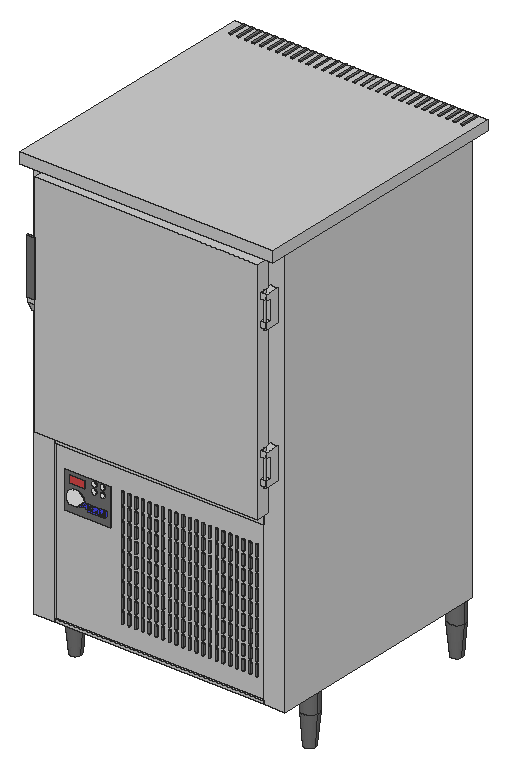
Revit family "QF_ACFRI_RS30-RL.190709092811", category Specialty Equipment, Revit 2016
Family settings
  Part Type = Normal
  Round Connector Dimension = Use Diameter
  OmniClass Number = 23.40.40.14
  OmniClass Title = Food Service Equipment
  Work Plane-Based = No
  Always vertical = Yes
  Cut with Voids When Loaded = No
  Shared = No
  Room Calculation Point = No
Parameters (values of type "RS30-RL_230V/1Ph/50Hz")
  URL catalogue = ""
  URL = "www.acfri.com"
  Type de Raccord Electrique [instance] = ""
  Type article [instance] = ""
  Tension = 230 V
  Status [instance] = ""
  Spécification technique = ""
  Spécification du Fabricant [instance] = ""
  Spécification de l'Utilisateur [instance] = ""
  SMACNA No spécifique pour les matériaux  Etats Unis = ""
  Quantité par lot [instance] = no
  Puissance électrique  = 1451 W
  Puissance en CV = ""
  Puissance Apparente = 1451 VA
  Protection de l'Appareil = 0 A
  Profondeur hors tout = 800 mm
  Poids net à vide = 140.00 kg
  Phase = 1
  Numéro de Série = ""
  Nombres de Pôles = 2
  Nombre d'identification NAFEM = ""
  Model = "RS30-RL"
  Manufacturer = "ACFRI"
  Longueur hors tout = 755 mm
  Intensité nominale courant electrique = 10 A
  Installé Par [instance] = ""
  Identifiant Equipement [instance] = no
  Hauteur hors tout = 1405 mm
  Hauteur de Raccordement du Sol Finis [instance] = 50 mm
  Hauteur de Raccordement du Sol Brut [instance] = 0 mm
  Fréquence = 50 Hz
  Fournis Par [instance] = ""
  Description = "CELLULE SÉRIE SMALL À GRILLE REFROIDISSEMENT/ SURGÉLATION RAPIDE"
  Câble de connexion à l'appareil inclus = no
  Cost = 0
  Consommation d'énergie minimale = 0 A
  Connexion prise électrique  = ""
  Code de Révision [instance] = ""
  Classification dans le projet = ""
  Classement sismique = ""
  Accessoires = no
Reference planes
  plane 1 "Centre (avant/arrière)": y = 0
  plane 2: z = 0
  plane 3 "Centre (gauche/droite)": x = 0
Forms (mm)
  Extrusion 1, solid, not visible
    sketch origin (49, -2, 199) x (1, 0, 0) y (0, 1, 0)
      loop
        line (0, 0) -> (2, 0) -> (2, 2) -> (0, 2) -> (0, 0)
    from 0 to 2
Dimensions and locks
  aligned and locked: level to plane 2
Nested families
  nested 1: "QF_ACFRI_RS30-RL_230V_1Ph_50Hz" at (0, 0, 150), type "RS30-RL_230V/1Ph/50Hz"
    with Show Logo yes, Show Clearance yes
  nested 2: "QF_ACFRI_RS25_30_40_DOOR_RX" at (0, 0, 150), type "RS25_30_40_DOOR_RX"
    with Show Logo yes, Show Clearance yes
  nested 3: "QF_ACFRI_RS12_15_20_LEGS" at (0, 0, 0), type "RS12_15_20_LEGS"
    with Show Logo yes, Show Clearance yes
  nested 4: "QF_ACFRI_RS25_30_40-CP" at (0, 0, 150), type "RS25_30_40-CP"
    with Show Logo yes, Show Clearance yes
Connectors
  electrical at (50, 0, 200), driven by "Puissance Apparente", driven by "Nombres de Pôles", driven by "Tension"
    settings: on Extrusion 1, index 1, voltage 230 V, apparent load 0 VA, apparent load phase1 1451 VA, apparent load phase2 0 VA, apparent load phase3 0 VA, power factor 1, load classification "Other", number of poles 2, system type 31, power factor state 1, is connector primary yes, connector utility no, sub classification motor no, connector description "Electric connection for 'RS30-RL'"
Definition of nested family "QF_ACFRI_RS30-RL_230V_1Ph_50Hz"
  Parameters (values of type "RS30-RL_230V/1Ph/50Hz")
    URL = "www.acfri.com"
    Show Logo [instance] = yes
    Show Clearance [instance] = yes
    Model = "RS30-RL"
    Manufacturer = "ACFRI"
    Description = "6 TO 11 LEVELS - REACH SPECIFICATION BLAST CHILLING, DEEP FREEZING CELLS"
    Assembly Code = "E1090320"
  Types (3, lengths in mm): name | Model | Description
    RS25-RL | "RS25-RL" | "6 TO 11 LEVELS - REACH SPECIFICATION BLAST CHILLING, DEEP FREEZING CELLS"
    RS30-RL_230V/1Ph/50Hz | "RS30-RL" | "6 TO 11 LEVELS - REACH SPECIFICATION BLAST CHILLING, DEEP FREEZING CELLS"
    RS40-RL | "RS40-RL" | "8 TO 15 LEVELS - REACH SPECIFICATION BLAST CHILLING, DEEP FREEZING CELLS"
  Reference planes
    plane 1 "Back": y = 0
    plane 2: z = 0
    plane 3 "Left": x = 0
    plane 4 "Right": x = 755
    plane 5 "Front": y = -800
    plane 6 "Top": z = 1254.917
  Forms (mm)
    Extrusion 1, solid
      sketch origin (0, 0, -150) x (0, 1, 0) y (0, 0, 1)
        loop
          line (-56.57, 1373.957) -> (-752.05, 1373.957) -> (-752.05, 150) -> (-56.57, 150) -> (-56.57, 1373.957)
      from 3.267 to 65.187
    Extrusion 2, solid
      sketch origin (0, 0, 289.917) x (0, 1, 0) y (0, 0, 1)
        loop
          line (0, 965) -> (-800, 965) -> (-800, 934.04) -> (0, 934.04) -> (0, 965)
      from 0 to 755
    Extrusion 3, solid
      sketch origin (0, 0, 1253.917) x (1, 0, 0) y (0, 1, 0)
        loop
          line (28.646, -1.681) -> (28.646, -56.57) -> (35.372, -56.57) -> (35.372, -1.681) -> (28.646, -1.681)
        loop
          line (51.706, -1.681) -> (51.706, -56.57) -> (58.431, -56.57) -> (58.431, -1.681) -> (51.706, -1.681)
        loop
          line (74.765, -1.681) -> (74.765, -56.57) -> (81.491, -56.57) -> (81.491, -1.681) -> (74.765, -1.681)
        loop
          line (97.825, -1.681) -> (97.825, -56.57) -> (104.551, -56.57) -> (104.551, -1.681) -> (97.825, -1.681)
        loop
          line (120.885, -1.681) -> (120.885, -56.57) -> (127.611, -56.57) -> (127.611, -1.681) -> (120.885, -1.681)
        loop
          line (143.945, -1.681) -> (143.945, -56.57) -> (150.671, -56.57) -> (150.671, -1.681) -> (143.945, -1.681)
        loop
          line (167.005, -1.681) -> (167.005, -56.57) -> (173.731, -56.57) -> (173.731, -1.681) -> (167.005, -1.681)
        loop
          line (190.065, -1.681) -> (190.065, -56.57) -> (196.79, -56.57) -> (196.79, -1.681) -> (190.065, -1.681)
        loop
          line (213.124, -1.681) -> (213.124, -56.57) -> (219.85, -56.57) -> (219.85, -1.681) -> (213.124, -1.681)
        loop
          line (236.184, -1.681) -> (236.184, -56.57) -> (242.91, -56.57) -> (242.91, -1.681) -> (236.184, -1.681)
        loop
          line (259.244, -1.681) -> (259.244, -56.57) -> (265.97, -56.57) -> (265.97, -1.681) -> (259.244, -1.681)
        loop
          line (282.304, -1.681) -> (282.304, -56.57) -> (289.03, -56.57) -> (289.03, -1.681) -> (282.304, -1.681)
        loop
          line (305.364, -1.681) -> (305.364, -56.57) -> (312.09, -56.57) -> (312.09, -1.681) -> (305.364, -1.681)
        loop
          line (328.424, -1.681) -> (328.424, -56.57) -> (335.149, -56.57) -> (335.149, -1.681) -> (328.424, -1.681)
        loop
          line (351.483, -1.681) -> (351.483, -56.57) -> (358.209, -56.57) -> (358.209, -1.681) -> (351.483, -1.681)
        loop
          line (374.543, -1.681) -> (374.543, -56.57) -> (381.269, -56.57) -> (381.269, -1.681) -> (374.543, -1.681)
        loop
          line (397.603, -1.681) -> (397.603, -56.57) -> (404.329, -56.57) -> (404.329, -1.681) -> (397.603, -1.681)
        loop
          line (420.663, -1.681) -> (420.663, -56.57) -> (427.389, -56.57) -> (427.389, -1.681) -> (420.663, -1.681)
        loop
          line (443.723, -1.681) -> (443.723, -56.57) -> (450.448, -56.57) -> (450.448, -1.681) -> (443.723, -1.681)
        loop
          line (466.783, -1.681) -> (466.783, -56.57) -> (473.508, -56.57) -> (473.508, -1.681) -> (466.783, -1.681)
        loop
          line (489.842, -1.681) -> (489.842, -56.57) -> (496.568, -56.57) -> (496.568, -1.681) -> (489.842, -1.681)
        loop
          line (512.902, -1.681) -> (512.902, -56.57) -> (519.628, -56.57) -> (519.628, -1.681) -> (512.902, -1.681)
        loop
          line (535.962, -1.681) -> (535.962, -56.57) -> (542.688, -56.57) -> (542.688, -1.681) -> (535.962, -1.681)
        loop
          line (559.022, -1.681) -> (559.022, -56.57) -> (565.748, -56.57) -> (565.748, -1.681) -> (559.022, -1.681)
        loop
          line (582.082, -1.681) -> (582.082, -56.57) -> (588.807, -56.57) -> (588.807, -1.681) -> (582.082, -1.681)
        loop
          line (605.141, -1.681) -> (605.141, -56.57) -> (611.867, -56.57) -> (611.867, -1.681) -> (605.141, -1.681)
        loop
          line (628.201, -1.681) -> (628.201, -56.57) -> (634.927, -56.57) -> (634.927, -1.681) -> (628.201, -1.681)
        loop
          line (651.261, -1.681) -> (651.261, -56.57) -> (657.987, -56.57) -> (657.987, -1.681) -> (651.261, -1.681)
        loop
          line (674.321, -1.681) -> (674.321, -56.57) -> (681.047, -56.57) -> (681.047, -1.681) -> (674.321, -1.681)
        loop
          line (697.381, -1.681) -> (697.381, -56.57) -> (704.107, -56.57) -> (704.107, -1.681) -> (697.381, -1.681)
        loop
          line (720.441, -1.681) -> (720.441, -56.57) -> (727.166, -56.57) -> (727.166, -1.681) -> (720.441, -1.681)
      from 0 to 2
    Extrusion 4, solid
      sketch origin (0, -100.05, -150) x (1, 0, 0) y (0, 0, 1)
        loop
          line (44.706, 1347.823) -> (44.706, 672.113) -> (701.163, 672.113) -> (701.163, 1347.823) -> (44.706, 1347.823)
        loop
          line (65.187, 1327.517) -> (65.187, 692.419) -> (680.711, 692.419) -> (680.711, 1327.517) -> (65.187, 1327.517)
      from 652 to 662.15
    Extrusion 5, solid
      sketch origin (0, -746.05, -119.991) x (1, 0, 0) y (0, 0, 1)
        loop
          line (261.229, 454.546) -> (261.229, 427.546)
          arc (261.229, 427.546) -> (264.729, 424.046) -> (268.229, 427.546) r 3.5
          line (268.229, 427.546) -> (268.229, 454.546)
          arc (268.229, 454.546) -> (264.729, 458.046) -> (261.229, 454.546) r 3.5
        loop
          line (281.229, 454.546) -> (281.229, 427.546)
          arc (281.229, 427.546) -> (284.729, 424.046) -> (288.229, 427.546) r 3.5
          line (288.229, 427.546) -> (288.229, 454.546)
          arc (288.229, 454.546) -> (284.729, 458.046) -> (281.229, 454.546) r 3.5
        loop
          line (301.229, 454.546) -> (301.229, 427.546)
          arc (301.229, 427.546) -> (304.729, 424.046) -> (308.229, 427.546) r 3.5
          line (308.229, 427.546) -> (308.229, 454.546)
          arc (308.229, 454.546) -> (304.729, 458.046) -> (301.229, 454.546) r 3.5
        loop
          line (321.229, 454.546) -> (321.229, 427.546)
          arc (321.229, 427.546) -> (324.729, 424.046) -> (328.229, 427.546) r 3.5
          line (328.229, 427.546) -> (328.229, 454.546)
          arc (328.229, 454.546) -> (324.729, 458.046) -> (321.229, 454.546) r 3.5
        loop
          line (341.229, 454.546) -> (341.229, 427.546)
          arc (341.229, 427.546) -> (344.729, 424.046) -> (348.229, 427.546) r 3.5
          line (348.229, 427.546) -> (348.229, 454.546)
          arc (348.229, 454.546) -> (344.729, 458.046) -> (341.229, 454.546) r 3.5
        loop
          line (361.229, 454.546) -> (361.229, 427.546)
          arc (361.229, 427.546) -> (364.729, 424.046) -> (368.229, 427.546) r 3.5
          line (368.229, 427.546) -> (368.229, 454.546)
          arc (368.229, 454.546) -> (364.729, 458.046) -> (361.229, 454.546) r 3.5
        loop
          line (381.229, 454.546) -> (381.229, 427.546)
          arc (381.229, 427.546) -> (384.729, 424.046) -> (388.229, 427.546) r 3.5
          line (388.229, 427.546) -> (388.229, 454.546)
          arc (388.229, 454.546) -> (384.729, 458.046) -> (381.229, 454.546) r 3.5
        loop
          line (401.229, 454.546) -> (401.229, 427.546)
          arc (401.229, 427.546) -> (404.729, 424.046) -> (408.229, 427.546) r 3.5
          line (408.229, 427.546) -> (408.229, 454.546)
          arc (408.229, 454.546) -> (404.729, 458.046) -> (401.229, 454.546) r 3.5
        loop
          line (421.229, 454.546) -> (421.229, 427.546)
          arc (421.229, 427.546) -> (424.729, 424.046) -> (428.229, 427.546) r 3.5
          line (428.229, 427.546) -> (428.229, 454.546)
          arc (428.229, 454.546) -> (424.729, 458.046) -> (421.229, 454.546) r 3.5
        loop
          line (441.229, 454.546) -> (441.229, 427.546)
          arc (441.229, 427.546) -> (444.729, 424.046) -> (448.229, 427.546) r 3.5
          line (448.229, 427.546) -> (448.229, 454.546)
          arc (448.229, 454.546) -> (444.729, 458.046) -> (441.229, 454.546) r 3.5
        loop
          line (461.229, 454.546) -> (461.229, 427.546)
          arc (461.229, 427.546) -> (464.729, 424.046) -> (468.229, 427.546) r 3.5
          line (468.229, 427.546) -> (468.229, 454.546)
          arc (468.229, 454.546) -> (464.729, 458.046) -> (461.229, 454.546) r 3.5
        loop
          line (481.229, 454.546) -> (481.229, 427.546)
          arc (481.229, 427.546) -> (484.729, 424.046) -> (488.229, 427.546) r 3.5
          line (488.229, 427.546) -> (488.229, 454.546)
          arc (488.229, 454.546) -> (484.729, 458.046) -> (481.229, 454.546) r 3.5
        loop
          line (501.229, 454.546) -> (501.229, 427.546)
          arc (501.229, 427.546) -> (504.729, 424.046) -> (508.229, 427.546) r 3.5
          line (508.229, 427.546) -> (508.229, 454.546)
          arc (508.229, 454.546) -> (504.729, 458.046) -> (501.229, 454.546) r 3.5
        loop
          line (521.229, 454.546) -> (521.229, 427.546)
          arc (521.229, 427.546) -> (524.729, 424.046) -> (528.229, 427.546) r 3.5
          line (528.229, 427.546) -> (528.229, 454.546)
          arc (528.229, 454.546) -> (524.729, 458.046) -> (521.229, 454.546) r 3.5
        loop
          line (541.229, 454.546) -> (541.229, 427.546)
          arc (541.229, 427.546) -> (544.729, 424.046) -> (548.229, 427.546) r 3.5
          line (548.229, 427.546) -> (548.229, 454.546)
          arc (548.229, 454.546) -> (544.729, 458.046) -> (541.229, 454.546) r 3.5
        loop
          line (561.229, 454.546) -> (561.229, 427.546)
          arc (561.229, 427.546) -> (564.729, 424.046) -> (568.229, 427.546) r 3.5
          line (568.229, 427.546) -> (568.229, 454.546)
          arc (568.229, 454.546) -> (564.729, 458.046) -> (561.229, 454.546) r 3.5
        loop
          line (581.229, 454.546) -> (581.229, 427.546)
          arc (581.229, 427.546) -> (584.729, 424.046) -> (588.229, 427.546) r 3.5
          line (588.229, 427.546) -> (588.229, 454.546)
          arc (588.229, 454.546) -> (584.729, 458.046) -> (581.229, 454.546) r 3.5
        loop
          line (601.229, 454.546) -> (601.229, 427.546)
          arc (601.229, 427.546) -> (604.729, 424.046) -> (608.229, 427.546) r 3.5
          line (608.229, 427.546) -> (608.229, 454.546)
          arc (608.229, 454.546) -> (604.729, 458.046) -> (601.229, 454.546) r 3.5
        loop
          line (621.229, 454.546) -> (621.229, 427.546)
          arc (621.229, 427.546) -> (624.729, 424.046) -> (628.229, 427.546) r 3.5
          line (628.229, 427.546) -> (628.229, 454.546)
          arc (628.229, 454.546) -> (624.729, 458.046) -> (621.229, 454.546) r 3.5
        loop
          line (641.229, 454.546) -> (641.229, 427.546)
          arc (641.229, 427.546) -> (644.729, 424.046) -> (648.229, 427.546) r 3.5
          line (648.229, 427.546) -> (648.229, 454.546)
          arc (648.229, 454.546) -> (644.729, 458.046) -> (641.229, 454.546) r 3.5
        loop
          line (661.229, 454.546) -> (661.229, 427.546)
          arc (661.229, 427.546) -> (664.729, 424.046) -> (668.229, 427.546) r 3.5
          line (668.229, 427.546) -> (668.229, 454.546)
          arc (668.229, 454.546) -> (664.729, 458.046) -> (661.229, 454.546) r 3.5
        loop
          line (261.229, 414.546) -> (261.229, 387.546)
          arc (261.229, 387.546) -> (264.729, 384.046) -> (268.229, 387.546) r 3.5
          line (268.229, 387.546) -> (268.229, 414.546)
          arc (268.229, 414.546) -> (264.729, 418.046) -> (261.229, 414.546) r 3.5
        loop
          line (281.229, 414.546) -> (281.229, 387.546)
          arc (281.229, 387.546) -> (284.729, 384.046) -> (288.229, 387.546) r 3.5
          line (288.229, 387.546) -> (288.229, 414.546)
          arc (288.229, 414.546) -> (284.729, 418.046) -> (281.229, 414.546) r 3.5
        loop
          line (301.229, 414.546) -> (301.229, 387.546)
          arc (301.229, 387.546) -> (304.729, 384.046) -> (308.229, 387.546) r 3.5
          line (308.229, 387.546) -> (308.229, 414.546)
          arc (308.229, 414.546) -> (304.729, 418.046) -> (301.229, 414.546) r 3.5
        loop
          line (321.229, 414.546) -> (321.229, 387.546)
          arc (321.229, 387.546) -> (324.729, 384.046) -> (328.229, 387.546) r 3.5
          line (328.229, 387.546) -> (328.229, 414.546)
          arc (328.229, 414.546) -> (324.729, 418.046) -> (321.229, 414.546) r 3.5
        loop
          line (341.229, 414.546) -> (341.229, 387.546)
          arc (341.229, 387.546) -> (344.729, 384.046) -> (348.229, 387.546) r 3.5
          line (348.229, 387.546) -> (348.229, 414.546)
          arc (348.229, 414.546) -> (344.729, 418.046) -> (341.229, 414.546) r 3.5
        loop
          line (361.229, 414.546) -> (361.229, 387.546)
          arc (361.229, 387.546) -> (364.729, 384.046) -> (368.229, 387.546) r 3.5
          line (368.229, 387.546) -> (368.229, 414.546)
          arc (368.229, 414.546) -> (364.729, 418.046) -> (361.229, 414.546) r 3.5
        loop
          line (381.229, 414.546) -> (381.229, 387.546)
          arc (381.229, 387.546) -> (384.729, 384.046) -> (388.229, 387.546) r 3.5
          line (388.229, 387.546) -> (388.229, 414.546)
          arc (388.229, 414.546) -> (384.729, 418.046) -> (381.229, 414.546) r 3.5
        loop
          line (401.229, 414.546) -> (401.229, 387.546)
          arc (401.229, 387.546) -> (404.729, 384.046) -> (408.229, 387.546) r 3.5
          line (408.229, 387.546) -> (408.229, 414.546)
          arc (408.229, 414.546) -> (404.729, 418.046) -> (401.229, 414.546) r 3.5
        loop
          line (421.229, 414.546) -> (421.229, 387.546)
          arc (421.229, 387.546) -> (424.729, 384.046) -> (428.229, 387.546) r 3.5
          line (428.229, 387.546) -> (428.229, 414.546)
          arc (428.229, 414.546) -> (424.729, 418.046) -> (421.229, 414.546) r 3.5
        loop
          line (441.229, 414.546) -> (441.229, 387.546)
          arc (441.229, 387.546) -> (444.729, 384.046) -> (448.229, 387.546) r 3.5
          line (448.229, 387.546) -> (448.229, 414.546)
          arc (448.229, 414.546) -> (444.729, 418.046) -> (441.229, 414.546) r 3.5
        loop
          line (461.229, 414.546) -> (461.229, 387.546)
          arc (461.229, 387.546) -> (464.729, 384.046) -> (468.229, 387.546) r 3.5
          line (468.229, 387.546) -> (468.229, 414.546)
          arc (468.229, 414.546) -> (464.729, 418.046) -> (461.229, 414.546) r 3.5
        loop
          line (481.229, 414.546) -> (481.229, 387.546)
          arc (481.229, 387.546) -> (484.729, 384.046) -> (488.229, 387.546) r 3.5
          line (488.229, 387.546) -> (488.229, 414.546)
          arc (488.229, 414.546) -> (484.729, 418.046) -> (481.229, 414.546) r 3.5
        loop
          line (501.229, 414.546) -> (501.229, 387.546)
          arc (501.229, 387.546) -> (504.729, 384.046) -> (508.229, 387.546) r 3.5
          line (508.229, 387.546) -> (508.229, 414.546)
          arc (508.229, 414.546) -> (504.729, 418.046) -> (501.229, 414.546) r 3.5
        loop
          line (521.229, 414.546) -> (521.229, 387.546)
          arc (521.229, 387.546) -> (524.729, 384.046) -> (528.229, 387.546) r 3.5
          line (528.229, 387.546) -> (528.229, 414.546)
          arc (528.229, 414.546) -> (524.729, 418.046) -> (521.229, 414.546) r 3.5
        loop
          line (541.229, 414.546) -> (541.229, 387.546)
          arc (541.229, 387.546) -> (544.729, 384.046) -> (548.229, 387.546) r 3.5
          line (548.229, 387.546) -> (548.229, 414.546)
          arc (548.229, 414.546) -> (544.729, 418.046) -> (541.229, 414.546) r 3.5
        loop
          line (561.229, 414.546) -> (561.229, 387.546)
          arc (561.229, 387.546) -> (564.729, 384.046) -> (568.229, 387.546) r 3.5
          line (568.229, 387.546) -> (568.229, 414.546)
          arc (568.229, 414.546) -> (564.729, 418.046) -> (561.229, 414.546) r 3.5
        loop
          line (581.229, 414.546) -> (581.229, 387.546)
          arc (581.229, 387.546) -> (584.729, 384.046) -> (588.229, 387.546) r 3.5
          line (588.229, 387.546) -> (588.229, 414.546)
          arc (588.229, 414.546) -> (584.729, 418.046) -> (581.229, 414.546) r 3.5
        loop
          line (601.229, 414.546) -> (601.229, 387.546)
          arc (601.229, 387.546) -> (604.729, 384.046) -> (608.229, 387.546) r 3.5
          line (608.229, 387.546) -> (608.229, 414.546)
          arc (608.229, 414.546) -> (604.729, 418.046) -> (601.229, 414.546) r 3.5
        loop
          line (621.229, 414.546) -> (621.229, 387.546)
          arc (621.229, 387.546) -> (624.729, 384.046) -> (628.229, 387.546) r 3.5
          line (628.229, 387.546) -> (628.229, 414.546)
          arc (628.229, 414.546) -> (624.729, 418.046) -> (621.229, 414.546) r 3.5
        loop
          line (641.229, 414.546) -> (641.229, 387.546)
          arc (641.229, 387.546) -> (644.729, 384.046) -> (648.229, 387.546) r 3.5
          line (648.229, 387.546) -> (648.229, 414.546)
          arc (648.229, 414.546) -> (644.729, 418.046) -> (641.229, 414.546) r 3.5
        loop
          line (661.229, 414.546) -> (661.229, 387.546)
          arc (661.229, 387.546) -> (664.729, 384.046) -> (668.229, 387.546) r 3.5
          line (668.229, 387.546) -> (668.229, 414.546)
          arc (668.229, 414.546) -> (664.729, 418.046) -> (661.229, 414.546) r 3.5
        loop
          line (261.229, 374.546) -> (261.229, 347.546)
          arc (261.229, 347.546) -> (264.729, 344.046) -> (268.229, 347.546) r 3.5
          line (268.229, 347.546) -> (268.229, 374.546)
          arc (268.229, 374.546) -> (264.729, 378.046) -> (261.229, 374.546) r 3.5
        loop
          line (281.229, 374.546) -> (281.229, 347.546)
          arc (281.229, 347.546) -> (284.729, 344.046) -> (288.229, 347.546) r 3.5
          line (288.229, 347.546) -> (288.229, 374.546)
          arc (288.229, 374.546) -> (284.729, 378.046) -> (281.229, 374.546) r 3.5
        loop
          line (301.229, 374.546) -> (301.229, 347.546)
          arc (301.229, 347.546) -> (304.729, 344.046) -> (308.229, 347.546) r 3.5
          line (308.229, 347.546) -> (308.229, 374.546)
          arc (308.229, 374.546) -> (304.729, 378.046) -> (301.229, 374.546) r 3.5
        loop
          line (321.229, 374.546) -> (321.229, 347.546)
          arc (321.229, 347.546) -> (324.729, 344.046) -> (328.229, 347.546) r 3.5
          line (328.229, 347.546) -> (328.229, 374.546)
          arc (328.229, 374.546) -> (324.729, 378.046) -> (321.229, 374.546) r 3.5
        loop
          line (341.229, 374.546) -> (341.229, 347.546)
          arc (341.229, 347.546) -> (344.729, 344.046) -> (348.229, 347.546) r 3.5
          line (348.229, 347.546) -> (348.229, 374.546)
          arc (348.229, 374.546) -> (344.729, 378.046) -> (341.229, 374.546) r 3.5
        loop
          line (361.229, 374.546) -> (361.229, 347.546)
          arc (361.229, 347.546) -> (364.729, 344.046) -> (368.229, 347.546) r 3.5
          line (368.229, 347.546) -> (368.229, 374.546)
          arc (368.229, 374.546) -> (364.729, 378.046) -> (361.229, 374.546) r 3.5
        loop
          line (381.229, 374.546) -> (381.229, 347.546)
          arc (381.229, 347.546) -> (384.729, 344.046) -> (388.229, 347.546) r 3.5
          line (388.229, 347.546) -> (388.229, 374.546)
          arc (388.229, 374.546) -> (384.729, 378.046) -> (381.229, 374.546) r 3.5
        loop
          line (401.229, 374.546) -> (401.229, 347.546)
          arc (401.229, 347.546) -> (404.729, 344.046) -> (408.229, 347.546) r 3.5
          line (408.229, 347.546) -> (408.229, 374.546)
          arc (408.229, 374.546) -> (404.729, 378.046) -> (401.229, 374.546) r 3.5
        loop
          line (421.229, 374.546) -> (421.229, 347.546)
          arc (421.229, 347.546) -> (424.729, 344.046) -> (428.229, 347.546) r 3.5
          line (428.229, 347.546) -> (428.229, 374.546)
          arc (428.229, 374.546) -> (424.729, 378.046) -> (421.229, 374.546) r 3.5
        loop
          line (441.229, 374.546) -> (441.229, 347.546)
          arc (441.229, 347.546) -> (444.729, 344.046) -> (448.229, 347.546) r 3.5
          line (448.229, 347.546) -> (448.229, 374.546)
          arc (448.229, 374.546) -> (444.729, 378.046) -> (441.229, 374.546) r 3.5
        loop
          line (461.229, 374.546) -> (461.229, 347.546)
          arc (461.229, 347.546) -> (464.729, 344.046) -> (468.229, 347.546) r 3.5
          line (468.229, 347.546) -> (468.229, 374.546)
          arc (468.229, 374.546) -> (464.729, 378.046) -> (461.229, 374.546) r 3.5
        loop
          line (481.229, 374.546) -> (481.229, 347.546)
          arc (481.229, 347.546) -> (484.729, 344.046) -> (488.229, 347.546) r 3.5
          line (488.229, 347.546) -> (488.229, 374.546)
          arc (488.229, 374.546) -> (484.729, 378.046) -> (481.229, 374.546) r 3.5
        loop
          line (501.229, 374.546) -> (501.229, 347.546)
          arc (501.229, 347.546) -> (504.729, 344.046) -> (508.229, 347.546) r 3.5
          line (508.229, 347.546) -> (508.229, 374.546)
          arc (508.229, 374.546) -> (504.729, 378.046) -> (501.229, 374.546) r 3.5
        loop
          line (521.229, 374.546) -> (521.229, 347.546)
          arc (521.229, 347.546) -> (524.729, 344.046) -> (528.229, 347.546) r 3.5
          line (528.229, 347.546) -> (528.229, 374.546)
          arc (528.229, 374.546) -> (524.729, 378.046) -> (521.229, 374.546) r 3.5
        loop
          line (541.229, 374.546) -> (541.229, 347.546)
          arc (541.229, 347.546) -> (544.729, 344.046) -> (548.229, 347.546) r 3.5
          line (548.229, 347.546) -> (548.229, 374.546)
          arc (548.229, 374.546) -> (544.729, 378.046) -> (541.229, 374.546) r 3.5
        loop
          line (561.229, 374.546) -> (561.229, 347.546)
          arc (561.229, 347.546) -> (564.729, 344.046) -> (568.229, 347.546) r 3.5
          line (568.229, 347.546) -> (568.229, 374.546)
          arc (568.229, 374.546) -> (564.729, 378.046) -> (561.229, 374.546) r 3.5
        loop
          line (581.229, 374.546) -> (581.229, 347.546)
          arc (581.229, 347.546) -> (584.729, 344.046) -> (588.229, 347.546) r 3.5
          line (588.229, 347.546) -> (588.229, 374.546)
          arc (588.229, 374.546) -> (584.729, 378.046) -> (581.229, 374.546) r 3.5
        loop
          line (601.229, 374.546) -> (601.229, 347.546)
          arc (601.229, 347.546) -> (604.729, 344.046) -> (608.229, 347.546) r 3.5
          line (608.229, 347.546) -> (608.229, 374.546)
          arc (608.229, 374.546) -> (604.729, 378.046) -> (601.229, 374.546) r 3.5
        loop
          line (621.229, 374.546) -> (621.229, 347.546)
          arc (621.229, 347.546) -> (624.729, 344.046) -> (628.229, 347.546) r 3.5
          line (628.229, 347.546) -> (628.229, 374.546)
          arc (628.229, 374.546) -> (624.729, 378.046) -> (621.229, 374.546) r 3.5
        loop
          line (641.229, 374.546) -> (641.229, 347.546)
          arc (641.229, 347.546) -> (644.729, 344.046) -> (648.229, 347.546) r 3.5
          line (648.229, 347.546) -> (648.229, 374.546)
          arc (648.229, 374.546) -> (644.729, 378.046) -> (641.229, 374.546) r 3.5
        loop
          line (661.229, 374.546) -> (661.229, 347.546)
          arc (661.229, 347.546) -> (664.729, 344.046) -> (668.229, 347.546) r 3.5
          line (668.229, 347.546) -> (668.229, 374.546)
          arc (668.229, 374.546) -> (664.729, 378.046) -> (661.229, 374.546) r 3.5
        loop
          line (261.229, 334.546) -> (261.229, 307.546)
          arc (261.229, 307.546) -> (264.729, 304.046) -> (268.229, 307.546) r 3.5
          line (268.229, 307.546) -> (268.229, 334.546)
          arc (268.229, 334.546) -> (264.729, 338.046) -> (261.229, 334.546) r 3.5
        loop
          line (281.229, 334.546) -> (281.229, 307.546)
          arc (281.229, 307.546) -> (284.729, 304.046) -> (288.229, 307.546) r 3.5
          line (288.229, 307.546) -> (288.229, 334.546)
          arc (288.229, 334.546) -> (284.729, 338.046) -> (281.229, 334.546) r 3.5
        loop
          line (301.229, 334.546) -> (301.229, 307.546)
          arc (301.229, 307.546) -> (304.729, 304.046) -> (308.229, 307.546) r 3.5
          line (308.229, 307.546) -> (308.229, 334.546)
          arc (308.229, 334.546) -> (304.729, 338.046) -> (301.229, 334.546) r 3.5
        loop
          line (321.229, 334.546) -> (321.229, 307.546)
          arc (321.229, 307.546) -> (324.729, 304.046) -> (328.229, 307.546) r 3.5
          line (328.229, 307.546) -> (328.229, 334.546)
          arc (328.229, 334.546) -> (324.729, 338.046) -> (321.229, 334.546) r 3.5
        loop
          line (341.229, 334.546) -> (341.229, 307.546)
          arc (341.229, 307.546) -> (344.729, 304.046) -> (348.229, 307.546) r 3.5
          line (348.229, 307.546) -> (348.229, 334.546)
          arc (348.229, 334.546) -> (344.729, 338.046) -> (341.229, 334.546) r 3.5
        loop
          line (361.229, 334.546) -> (361.229, 307.546)
          arc (361.229, 307.546) -> (364.729, 304.046) -> (368.229, 307.546) r 3.5
          line (368.229, 307.546) -> (368.229, 334.546)
          arc (368.229, 334.546) -> (364.729, 338.046) -> (361.229, 334.546) r 3.5
        loop
          line (381.229, 334.546) -> (381.229, 307.546)
          arc (381.229, 307.546) -> (384.729, 304.046) -> (388.229, 307.546) r 3.5
          line (388.229, 307.546) -> (388.229, 334.546)
          arc (388.229, 334.546) -> (384.729, 338.046) -> (381.229, 334.546) r 3.5
        loop
          line (401.229, 334.546) -> (401.229, 307.546)
          arc (401.229, 307.546) -> (404.729, 304.046) -> (408.229, 307.546) r 3.5
          line (408.229, 307.546) -> (408.229, 334.546)
          arc (408.229, 334.546) -> (404.729, 338.046) -> (401.229, 334.546) r 3.5
        loop
          line (421.229, 334.546) -> (421.229, 307.546)
          arc (421.229, 307.546) -> (424.729, 304.046) -> (428.229, 307.546) r 3.5
          line (428.229, 307.546) -> (428.229, 334.546)
          arc (428.229, 334.546) -> (424.729, 338.046) -> (421.229, 334.546) r 3.5
        loop
          line (441.229, 334.546) -> (441.229, 307.546)
          arc (441.229, 307.546) -> (444.729, 304.046) -> (448.229, 307.546) r 3.5
          line (448.229, 307.546) -> (448.229, 334.546)
          arc (448.229, 334.546) -> (444.729, 338.046) -> (441.229, 334.546) r 3.5
        loop
          line (461.229, 334.546) -> (461.229, 307.546)
          arc (461.229, 307.546) -> (464.729, 304.046) -> (468.229, 307.546) r 3.5
          line (468.229, 307.546) -> (468.229, 334.546)
          arc (468.229, 334.546) -> (464.729, 338.046) -> (461.229, 334.546) r 3.5
        loop
          line (481.229, 334.546) -> (481.229, 307.546)
          arc (481.229, 307.546) -> (484.729, 304.046) -> (488.229, 307.546) r 3.5
          line (488.229, 307.546) -> (488.229, 334.546)
          arc (488.229, 334.546) -> (484.729, 338.046) -> (481.229, 334.546) r 3.5
        loop
          line (501.229, 334.546) -> (501.229, 307.546)
          arc (501.229, 307.546) -> (504.729, 304.046) -> (508.229, 307.546) r 3.5
          line (508.229, 307.546) -> (508.229, 334.546)
          arc (508.229, 334.546) -> (504.729, 338.046) -> (501.229, 334.546) r 3.5
        loop
          line (521.229, 334.546) -> (521.229, 307.546)
          arc (521.229, 307.546) -> (524.729, 304.046) -> (528.229, 307.546) r 3.5
          line (528.229, 307.546) -> (528.229, 334.546)
          arc (528.229, 334.546) -> (524.729, 338.046) -> (521.229, 334.546) r 3.5
        loop
          line (541.229, 334.546) -> (541.229, 307.546)
          arc (541.229, 307.546) -> (544.729, 304.046) -> (548.229, 307.546) r 3.5
          line (548.229, 307.546) -> (548.229, 334.546)
          arc (548.229, 334.546) -> (544.729, 338.046) -> (541.229, 334.546) r 3.5
        loop
          line (561.229, 334.546) -> (561.229, 307.546)
          arc (561.229, 307.546) -> (564.729, 304.046) -> (568.229, 307.546) r 3.5
          line (568.229, 307.546) -> (568.229, 334.546)
          arc (568.229, 334.546) -> (564.729, 338.046) -> (561.229, 334.546) r 3.5
        loop
          line (581.229, 334.546) -> (581.229, 307.546)
          arc (581.229, 307.546) -> (584.729, 304.046) -> (588.229, 307.546) r 3.5
          line (588.229, 307.546) -> (588.229, 334.546)
          arc (588.229, 334.546) -> (584.729, 338.046) -> (581.229, 334.546) r 3.5
        loop
          line (601.229, 334.546) -> (601.229, 307.546)
          arc (601.229, 307.546) -> (604.729, 304.046) -> (608.229, 307.546) r 3.5
          line (608.229, 307.546) -> (608.229, 334.546)
          arc (608.229, 334.546) -> (604.729, 338.046) -> (601.229, 334.546) r 3.5
        loop
          line (621.229, 334.546) -> (621.229, 307.546)
          arc (621.229, 307.546) -> (624.729, 304.046) -> (628.229, 307.546) r 3.5
          line (628.229, 307.546) -> (628.229, 334.546)
          arc (628.229, 334.546) -> (624.729, 338.046) -> (621.229, 334.546) r 3.5
        loop
          line (641.229, 334.546) -> (641.229, 307.546)
          arc (641.229, 307.546) -> (644.729, 304.046) -> (648.229, 307.546) r 3.5
          line (648.229, 307.546) -> (648.229, 334.546)
          arc (648.229, 334.546) -> (644.729, 338.046) -> (641.229, 334.546) r 3.5
        loop
          line (661.229, 334.546) -> (661.229, 307.546)
          arc (661.229, 307.546) -> (664.729, 304.046) -> (668.229, 307.546) r 3.5
          line (668.229, 307.546) -> (668.229, 334.546)
          arc (668.229, 334.546) -> (664.729, 338.046) -> (661.229, 334.546) r 3.5
        loop
          line (261.229, 294.546) -> (261.229, 267.546)
          arc (261.229, 267.546) -> (264.729, 264.046) -> (268.229, 267.546) r 3.5
          line (268.229, 267.546) -> (268.229, 294.546)
          arc (268.229, 294.546) -> (264.729, 298.046) -> (261.229, 294.546) r 3.5
        loop
          line (281.229, 294.546) -> (281.229, 267.546)
          arc (281.229, 267.546) -> (284.729, 264.046) -> (288.229, 267.546) r 3.5
          line (288.229, 267.546) -> (288.229, 294.546)
          arc (288.229, 294.546) -> (284.729, 298.046) -> (281.229, 294.546) r 3.5
        loop
          line (301.229, 294.546) -> (301.229, 267.546)
          arc (301.229, 267.546) -> (304.729, 264.046) -> (308.229, 267.546) r 3.5
          line (308.229, 267.546) -> (308.229, 294.546)
          arc (308.229, 294.546) -> (304.729, 298.046) -> (301.229, 294.546) r 3.5
        loop
          line (321.229, 294.546) -> (321.229, 267.546)
          arc (321.229, 267.546) -> (324.729, 264.046) -> (328.229, 267.546) r 3.5
          line (328.229, 267.546) -> (328.229, 294.546)
          arc (328.229, 294.546) -> (324.729, 298.046) -> (321.229, 294.546) r 3.5
        loop
          line (341.229, 294.546) -> (341.229, 267.546)
          arc (341.229, 267.546) -> (344.729, 264.046) -> (348.229, 267.546) r 3.5
          line (348.229, 267.546) -> (348.229, 294.546)
          arc (348.229, 294.546) -> (344.729, 298.046) -> (341.229, 294.546) r 3.5
        loop
          line (361.229, 294.546) -> (361.229, 267.546)
          arc (361.229, 267.546) -> (364.729, 264.046) -> (368.229, 267.546) r 3.5
          line (368.229, 267.546) -> (368.229, 294.546)
          arc (368.229, 294.546) -> (364.729, 298.046) -> (361.229, 294.546) r 3.5
        loop
          line (381.229, 294.546) -> (381.229, 267.546)
          arc (381.229, 267.546) -> (384.729, 264.046) -> (388.229, 267.546) r 3.5
          line (388.229, 267.546) -> (388.229, 294.546)
          arc (388.229, 294.546) -> (384.729, 298.046) -> (381.229, 294.546) r 3.5
        loop
          line (401.229, 294.546) -> (401.229, 267.546)
          arc (401.229, 267.546) -> (404.729, 264.046) -> (408.229, 267.546) r 3.5
          line (408.229, 267.546) -> (408.229, 294.546)
          arc (408.229, 294.546) -> (404.729, 298.046) -> (401.229, 294.546) r 3.5
        loop
          line (421.229, 294.546) -> (421.229, 267.546)
          arc (421.229, 267.546) -> (424.729, 264.046) -> (428.229, 267.546) r 3.5
          line (428.229, 267.546) -> (428.229, 294.546)
          arc (428.229, 294.546) -> (424.729, 298.046) -> (421.229, 294.546) r 3.5
        loop
          line (441.229, 294.546) -> (441.229, 267.546)
          arc (441.229, 267.546) -> (444.729, 264.046) -> (448.229, 267.546) r 3.5
          line (448.229, 267.546) -> (448.229, 294.546)
          arc (448.229, 294.546) -> (444.729, 298.046) -> (441.229, 294.546) r 3.5
        loop
          line (461.229, 294.546) -> (461.229, 267.546)
          arc (461.229, 267.546) -> (464.729, 264.046) -> (468.229, 267.546) r 3.5
          line (468.229, 267.546) -> (468.229, 294.546)
          arc (468.229, 294.546) -> (464.729, 298.046) -> (461.229, 294.546) r 3.5
        loop
          line (481.229, 294.546) -> (481.229, 267.546)
          arc (481.229, 267.546) -> (484.729, 264.046) -> (488.229, 267.546) r 3.5
          line (488.229, 267.546) -> (488.229, 294.546)
          arc (488.229, 294.546) -> (484.729, 298.046) -> (481.229, 294.546) r 3.5
        loop
          line (501.229, 294.546) -> (501.229, 267.546)
          arc (501.229, 267.546) -> (504.729, 264.046) -> (508.229, 267.546) r 3.5
          line (508.229, 267.546) -> (508.229, 294.546)
          arc (508.229, 294.546) -> (504.729, 298.046) -> (501.229, 294.546) r 3.5
        loop
          line (521.229, 294.546) -> (521.229, 267.546)
          arc (521.229, 267.546) -> (524.729, 264.046) -> (528.229, 267.546) r 3.5
          line (528.229, 267.546) -> (528.229, 294.546)
          arc (528.229, 294.546) -> (524.729, 298.046) -> (521.229, 294.546) r 3.5
        loop
          line (541.229, 294.546) -> (541.229, 267.546)
          arc (541.229, 267.546) -> (544.729, 264.046) -> (548.229, 267.546) r 3.5
          line (548.229, 267.546) -> (548.229, 294.546)
          arc (548.229, 294.546) -> (544.729, 298.046) -> (541.229, 294.546) r 3.5
        loop
          line (561.229, 294.546) -> (561.229, 267.546)
          arc (561.229, 267.546) -> (564.729, 264.046) -> (568.229, 267.546) r 3.5
          line (568.229, 267.546) -> (568.229, 294.546)
          arc (568.229, 294.546) -> (564.729, 298.046) -> (561.229, 294.546) r 3.5
        loop
          line (581.229, 294.546) -> (581.229, 267.546)
          arc (581.229, 267.546) -> (584.729, 264.046) -> (588.229, 267.546) r 3.5
          line (588.229, 267.546) -> (588.229, 294.546)
          arc (588.229, 294.546) -> (584.729, 298.046) -> (581.229, 294.546) r 3.5
        loop
          line (601.229, 294.546) -> (601.229, 267.546)
          arc (601.229, 267.546) -> (604.729, 264.046) -> (608.229, 267.546) r 3.5
          line (608.229, 267.546) -> (608.229, 294.546)
          arc (608.229, 294.546) -> (604.729, 298.046) -> (601.229, 294.546) r 3.5
        loop
          line (621.229, 294.546) -> (621.229, 267.546)
          arc (621.229, 267.546) -> (624.729, 264.046) -> (628.229, 267.546) r 3.5
          line (628.229, 267.546) -> (628.229, 294.546)
          arc (628.229, 294.546) -> (624.729, 298.046) -> (621.229, 294.546) r 3.5
        loop
          line (641.229, 294.546) -> (641.229, 267.546)
          arc (641.229, 267.546) -> (644.729, 264.046) -> (648.229, 267.546) r 3.5
          line (648.229, 267.546) -> (648.229, 294.546)
          arc (648.229, 294.546) -> (644.729, 298.046) -> (641.229, 294.546) r 3.5
        loop
          line (661.229, 294.546) -> (661.229, 267.546)
          arc (661.229, 267.546) -> (664.729, 264.046) -> (668.229, 267.546) r 3.5
          line (668.229, 267.546) -> (668.229, 294.546)
          arc (668.229, 294.546) -> (664.729, 298.046) -> (661.229, 294.546) r 3.5
        loop
          line (261.229, 254.546) -> (261.229, 227.546)
          arc (261.229, 227.546) -> (264.729, 224.046) -> (268.229, 227.546) r 3.5
          line (268.229, 227.546) -> (268.229, 254.546)
          arc (268.229, 254.546) -> (264.729, 258.046) -> (261.229, 254.546) r 3.5
        loop
          line (281.229, 254.546) -> (281.229, 227.546)
          arc (281.229, 227.546) -> (284.729, 224.046) -> (288.229, 227.546) r 3.5
          line (288.229, 227.546) -> (288.229, 254.546)
          arc (288.229, 254.546) -> (284.729, 258.046) -> (281.229, 254.546) r 3.5
        loop
          line (301.229, 254.546) -> (301.229, 227.546)
          arc (301.229, 227.546) -> (304.729, 224.046) -> (308.229, 227.546) r 3.5
          line (308.229, 227.546) -> (308.229, 254.546)
          arc (308.229, 254.546) -> (304.729, 258.046) -> (301.229, 254.546) r 3.5
        loop
          line (321.229, 254.546) -> (321.229, 227.546)
          arc (321.229, 227.546) -> (324.729, 224.046) -> (328.229, 227.546) r 3.5
          line (328.229, 227.546) -> (328.229, 254.546)
          arc (328.229, 254.546) -> (324.729, 258.046) -> (321.229, 254.546) r 3.5
        loop
          line (341.229, 254.546) -> (341.229, 227.546)
          arc (341.229, 227.546) -> (344.729, 224.046) -> (348.229, 227.546) r 3.5
          line (348.229, 227.546) -> (348.229, 254.546)
          arc (348.229, 254.546) -> (344.729, 258.046) -> (341.229, 254.546) r 3.5
        loop
          line (361.229, 254.546) -> (361.229, 227.546)
          arc (361.229, 227.546) -> (364.729, 224.046) -> (368.229, 227.546) r 3.5
          line (368.229, 227.546) -> (368.229, 254.546)
          arc (368.229, 254.546) -> (364.729, 258.046) -> (361.229, 254.546) r 3.5
        loop
          line (381.229, 254.546) -> (381.229, 227.546)
          arc (381.229, 227.546) -> (384.729, 224.046) -> (388.229, 227.546) r 3.5
          line (388.229, 227.546) -> (388.229, 254.546)
          arc (388.229, 254.546) -> (384.729, 258.046) -> (381.229, 254.546) r 3.5
        loop
          line (401.229, 254.546) -> (401.229, 227.546)
          arc (401.229, 227.546) -> (404.729, 224.046) -> (408.229, 227.546) r 3.5
          line (408.229, 227.546) -> (408.229, 254.546)
          arc (408.229, 254.546) -> (404.729, 258.046) -> (401.229, 254.546) r 3.5
        loop
          line (421.229, 254.546) -> (421.229, 227.546)
          arc (421.229, 227.546) -> (424.729, 224.046) -> (428.229, 227.546) r 3.5
          line (428.229, 227.546) -> (428.229, 254.546)
          arc (428.229, 254.546) -> (424.729, 258.046) -> (421.229, 254.546) r 3.5
        loop
          line (441.229, 254.546) -> (441.229, 227.546)
          arc (441.229, 227.546) -> (444.729, 224.046) -> (448.229, 227.546) r 3.5
          line (448.229, 227.546) -> (448.229, 254.546)
          arc (448.229, 254.546) -> (444.729, 258.046) -> (441.229, 254.546) r 3.5
        loop
          line (461.229, 254.546) -> (461.229, 227.546)
          arc (461.229, 227.546) -> (464.729, 224.046) -> (468.229, 227.546) r 3.5
          line (468.229, 227.546) -> (468.229, 254.546)
          arc (468.229, 254.546) -> (464.729, 258.046) -> (461.229, 254.546) r 3.5
        loop
          line (481.229, 254.546) -> (481.229, 227.546)
          arc (481.229, 227.546) -> (484.729, 224.046) -> (488.229, 227.546) r 3.5
          line (488.229, 227.546) -> (488.229, 254.546)
          arc (488.229, 254.546) -> (484.729, 258.046) -> (481.229, 254.546) r 3.5
        loop
          line (501.229, 254.546) -> (501.229, 227.546)
          arc (501.229, 227.546) -> (504.729, 224.046) -> (508.229, 227.546) r 3.5
          line (508.229, 227.546) -> (508.229, 254.546)
          arc (508.229, 254.546) -> (504.729, 258.046) -> (501.229, 254.546) r 3.5
        loop
          line (521.229, 254.546) -> (521.229, 227.546)
          arc (521.229, 227.546) -> (524.729, 224.046) -> (528.229, 227.546) r 3.5
          line (528.229, 227.546) -> (528.229, 254.546)
          arc (528.229, 254.546) -> (524.729, 258.046) -> (521.229, 254.546) r 3.5
        loop
          line (541.229, 254.546) -> (541.229, 227.546)
          arc (541.229, 227.546) -> (544.729, 224.046) -> (548.229, 227.546) r 3.5
          line (548.229, 227.546) -> (548.229, 254.546)
          arc (548.229, 254.546) -> (544.729, 258.046) -> (541.229, 254.546) r 3.5
        loop
          line (561.229, 254.546) -> (561.229, 227.546)
          arc (561.229, 227.546) -> (564.729, 224.046) -> (568.229, 227.546) r 3.5
          line (568.229, 227.546) -> (568.229, 254.546)
          arc (568.229, 254.546) -> (564.729, 258.046) -> (561.229, 254.546) r 3.5
        loop
          line (581.229, 254.546) -> (581.229, 227.546)
          arc (581.229, 227.546) -> (584.729, 224.046) -> (588.229, 227.546) r 3.5
          line (588.229, 227.546) -> (588.229, 254.546)
          arc (588.229, 254.546) -> (584.729, 258.046) -> (581.229, 254.546) r 3.5
        loop
          line (601.229, 254.546) -> (601.229, 227.546)
          arc (601.229, 227.546) -> (604.729, 224.046) -> (608.229, 227.546) r 3.5
          line (608.229, 227.546) -> (608.229, 254.546)
          arc (608.229, 254.546) -> (604.729, 258.046) -> (601.229, 254.546) r 3.5
        loop
          line (621.229, 254.546) -> (621.229, 227.546)
          arc (621.229, 227.546) -> (624.729, 224.046) -> (628.229, 227.546) r 3.5
          line (628.229, 227.546) -> (628.229, 254.546)
          arc (628.229, 254.546) -> (624.729, 258.046) -> (621.229, 254.546) r 3.5
        loop
          line (641.229, 254.546) -> (641.229, 227.546)
          arc (641.229, 227.546) -> (644.729, 224.046) -> (648.229, 227.546) r 3.5
          line (648.229, 227.546) -> (648.229, 254.546)
          arc (648.229, 254.546) -> (644.729, 258.046) -> (641.229, 254.546) r 3.5
        loop
          line (661.229, 254.546) -> (661.229, 227.546)
          arc (661.229, 227.546) -> (664.729, 224.046) -> (668.229, 227.546) r 3.5
          line (668.229, 227.546) -> (668.229, 254.546)
          arc (668.229, 254.546) -> (664.729, 258.046) -> (661.229, 254.546) r 3.5
        loop
          line (261.229, 214.546) -> (261.229, 187.546)
          arc (261.229, 187.546) -> (264.729, 184.046) -> (268.229, 187.546) r 3.5
          line (268.229, 187.546) -> (268.229, 214.546)
          arc (268.229, 214.546) -> (264.729, 218.046) -> (261.229, 214.546) r 3.5
        loop
          line (281.229, 214.546) -> (281.229, 187.546)
          arc (281.229, 187.546) -> (284.729, 184.046) -> (288.229, 187.546) r 3.5
          line (288.229, 187.546) -> (288.229, 214.546)
          arc (288.229, 214.546) -> (284.729, 218.046) -> (281.229, 214.546) r 3.5
        loop
          line (301.229, 214.546) -> (301.229, 187.546)
          arc (301.229, 187.546) -> (304.729, 184.046) -> (308.229, 187.546) r 3.5
          line (308.229, 187.546) -> (308.229, 214.546)
          arc (308.229, 214.546) -> (304.729, 218.046) -> (301.229, 214.546) r 3.5
        loop
          line (321.229, 214.546) -> (321.229, 187.546)
          arc (321.229, 187.546) -> (324.729, 184.046) -> (328.229, 187.546) r 3.5
          line (328.229, 187.546) -> (328.229, 214.546)
          arc (328.229, 214.546) -> (324.729, 218.046) -> (321.229, 214.546) r 3.5
        loop
          line (341.229, 214.546) -> (341.229, 187.546)
          arc (341.229, 187.546) -> (344.729, 184.046) -> (348.229, 187.546) r 3.5
          line (348.229, 187.546) -> (348.229, 214.546)
          arc (348.229, 214.546) -> (344.729, 218.046) -> (341.229, 214.546) r 3.5
        loop
          line (361.229, 214.546) -> (361.229, 187.546)
          arc (361.229, 187.546) -> (364.729, 184.046) -> (368.229, 187.546) r 3.5
          line (368.229, 187.546) -> (368.229, 214.546)
          arc (368.229, 214.546) -> (364.729, 218.046) -> (361.229, 214.546) r 3.5
        loop
          line (381.229, 214.546) -> (381.229, 187.546)
          arc (381.229, 187.546) -> (384.729, 184.046) -> (388.229, 187.546) r 3.5
          line (388.229, 187.546) -> (388.229, 214.546)
          arc (388.229, 214.546) -> (384.729, 218.046) -> (381.229, 214.546) r 3.5
        loop
          line (401.229, 214.546) -> (401.229, 187.546)
          arc (401.229, 187.546) -> (404.729, 184.046) -> (408.229, 187.546) r 3.5
          line (408.229, 187.546) -> (408.229, 214.546)
          arc (408.229, 214.546) -> (404.729, 218.046) -> (401.229, 214.546) r 3.5
        loop
          line (421.229, 214.546) -> (421.229, 187.546)
          arc (421.229, 187.546) -> (424.729, 184.046) -> (428.229, 187.546) r 3.5
          line (428.229, 187.546) -> (428.229, 214.546)
          arc (428.229, 214.546) -> (424.729, 218.046) -> (421.229, 214.546) r 3.5
        loop
          line (441.229, 214.546) -> (441.229, 187.546)
          arc (441.229, 187.546) -> (444.729, 184.046) -> (448.229, 187.546) r 3.5
          line (448.229, 187.546) -> (448.229, 214.546)
          arc (448.229, 214.546) -> (444.729, 218.046) -> (441.229, 214.546) r 3.5
        loop
          line (461.229, 214.546) -> (461.229, 187.546)
          arc (461.229, 187.546) -> (464.729, 184.046) -> (468.229, 187.546) r 3.5
          line (468.229, 187.546) -> (468.229, 214.546)
          arc (468.229, 214.546) -> (464.729, 218.046) -> (461.229, 214.546) r 3.5
        loop
          line (481.229, 214.546) -> (481.229, 187.546)
          arc (481.229, 187.546) -> (484.729, 184.046) -> (488.229, 187.546) r 3.5
          line (488.229, 187.546) -> (488.229, 214.546)
          arc (488.229, 214.546) -> (484.729, 218.046) -> (481.229, 214.546) r 3.5
        loop
          line (501.229, 214.546) -> (501.229, 187.546)
          arc (501.229, 187.546) -> (504.729, 184.046) -> (508.229, 187.546) r 3.5
          line (508.229, 187.546) -> (508.229, 214.546)
          arc (508.229, 214.546) -> (504.729, 218.046) -> (501.229, 214.546) r 3.5
        loop
          line (521.229, 214.546) -> (521.229, 187.546)
          arc (521.229, 187.546) -> (524.729, 184.046) -> (528.229, 187.546) r 3.5
          line (528.229, 187.546) -> (528.229, 214.546)
          arc (528.229, 214.546) -> (524.729, 218.046) -> (521.229, 214.546) r 3.5
        loop
          line (541.229, 214.546) -> (541.229, 187.546)
          arc (541.229, 187.546) -> (544.729, 184.046) -> (548.229, 187.546) r 3.5
          line (548.229, 187.546) -> (548.229, 214.546)
          arc (548.229, 214.546) -> (544.729, 218.046) -> (541.229, 214.546) r 3.5
        loop
          line (561.229, 214.546) -> (561.229, 187.546)
          arc (561.229, 187.546) -> (564.729, 184.046) -> (568.229, 187.546) r 3.5
          line (568.229, 187.546) -> (568.229, 214.546)
          arc (568.229, 214.546) -> (564.729, 218.046) -> (561.229, 214.546) r 3.5
        loop
          line (581.229, 214.546) -> (581.229, 187.546)
          arc (581.229, 187.546) -> (584.729, 184.046) -> (588.229, 187.546) r 3.5
          line (588.229, 187.546) -> (588.229, 214.546)
          arc (588.229, 214.546) -> (584.729, 218.046) -> (581.229, 214.546) r 3.5
        loop
          line (601.229, 214.546) -> (601.229, 187.546)
          arc (601.229, 187.546) -> (604.729, 184.046) -> (608.229, 187.546) r 3.5
          line (608.229, 187.546) -> (608.229, 214.546)
          arc (608.229, 214.546) -> (604.729, 218.046) -> (601.229, 214.546) r 3.5
        loop
          line (621.229, 214.546) -> (621.229, 187.546)
          arc (621.229, 187.546) -> (624.729, 184.046) -> (628.229, 187.546) r 3.5
          line (628.229, 187.546) -> (628.229, 214.546)
          arc (628.229, 214.546) -> (624.729, 218.046) -> (621.229, 214.546) r 3.5
        loop
          line (641.229, 214.546) -> (641.229, 187.546)
          arc (641.229, 187.546) -> (644.729, 184.046) -> (648.229, 187.546) r 3.5
          line (648.229, 187.546) -> (648.229, 214.546)
          arc (648.229, 214.546) -> (644.729, 218.046) -> (641.229, 214.546) r 3.5
        loop
          line (661.229, 214.546) -> (661.229, 187.546)
          arc (661.229, 187.546) -> (664.729, 184.046) -> (668.229, 187.546) r 3.5
          line (668.229, 187.546) -> (668.229, 214.546)
          arc (668.229, 214.546) -> (664.729, 218.046) -> (661.229, 214.546) r 3.5
        loop
          line (261.229, 534.546) -> (261.229, 507.546)
          arc (261.229, 507.546) -> (264.729, 504.046) -> (268.229, 507.546) r 3.5
          line (268.229, 507.546) -> (268.229, 534.546)
          arc (268.229, 534.546) -> (264.729, 538.046) -> (261.229, 534.546) r 3.5
        loop
          line (281.229, 534.546) -> (281.229, 507.546)
          arc (281.229, 507.546) -> (284.729, 504.046) -> (288.229, 507.546) r 3.5
          line (288.229, 507.546) -> (288.229, 534.546)
          arc (288.229, 534.546) -> (284.729, 538.046) -> (281.229, 534.546) r 3.5
        loop
          line (301.229, 534.546) -> (301.229, 507.546)
          arc (301.229, 507.546) -> (304.729, 504.046) -> (308.229, 507.546) r 3.5
          line (308.229, 507.546) -> (308.229, 534.546)
          arc (308.229, 534.546) -> (304.729, 538.046) -> (301.229, 534.546) r 3.5
        loop
          line (321.229, 534.546) -> (321.229, 507.546)
          arc (321.229, 507.546) -> (324.729, 504.046) -> (328.229, 507.546) r 3.5
          line (328.229, 507.546) -> (328.229, 534.546)
          arc (328.229, 534.546) -> (324.729, 538.046) -> (321.229, 534.546) r 3.5
        loop
          line (341.229, 534.546) -> (341.229, 507.546)
          arc (341.229, 507.546) -> (344.729, 504.046) -> (348.229, 507.546) r 3.5
          line (348.229, 507.546) -> (348.229, 534.546)
          arc (348.229, 534.546) -> (344.729, 538.046) -> (341.229, 534.546) r 3.5
        loop
          line (361.229, 534.546) -> (361.229, 507.546)
          arc (361.229, 507.546) -> (364.729, 504.046) -> (368.229, 507.546) r 3.5
          line (368.229, 507.546) -> (368.229, 534.546)
          arc (368.229, 534.546) -> (364.729, 538.046) -> (361.229, 534.546) r 3.5
        loop
          line (381.229, 534.546) -> (381.229, 507.546)
          arc (381.229, 507.546) -> (384.729, 504.046) -> (388.229, 507.546) r 3.5
          line (388.229, 507.546) -> (388.229, 534.546)
          arc (388.229, 534.546) -> (384.729, 538.046) -> (381.229, 534.546) r 3.5
        loop
          line (401.229, 534.546) -> (401.229, 507.546)
          arc (401.229, 507.546) -> (404.729, 504.046) -> (408.229, 507.546) r 3.5
          line (408.229, 507.546) -> (408.229, 534.546)
          arc (408.229, 534.546) -> (404.729, 538.046) -> (401.229, 534.546) r 3.5
        loop
          line (421.229, 534.546) -> (421.229, 507.546)
          arc (421.229, 507.546) -> (424.729, 504.046) -> (428.229, 507.546) r 3.5
          line (428.229, 507.546) -> (428.229, 534.546)
          arc (428.229, 534.546) -> (424.729, 538.046) -> (421.229, 534.546) r 3.5
        loop
          line (441.229, 534.546) -> (441.229, 507.546)
          arc (441.229, 507.546) -> (444.729, 504.046) -> (448.229, 507.546) r 3.5
          line (448.229, 507.546) -> (448.229, 534.546)
          arc (448.229, 534.546) -> (444.729, 538.046) -> (441.229, 534.546) r 3.5
        loop
          line (461.229, 534.546) -> (461.229, 507.546)
          arc (461.229, 507.546) -> (464.729, 504.046) -> (468.229, 507.546) r 3.5
          line (468.229, 507.546) -> (468.229, 534.546)
          arc (468.229, 534.546) -> (464.729, 538.046) -> (461.229, 534.546) r 3.5
        loop
          line (481.229, 534.546) -> (481.229, 507.546)
          arc (481.229, 507.546) -> (484.729, 504.046) -> (488.229, 507.546) r 3.5
          line (488.229, 507.546) -> (488.229, 534.546)
          arc (488.229, 534.546) -> (484.729, 538.046) -> (481.229, 534.546) r 3.5
        loop
          line (501.229, 534.546) -> (501.229, 507.546)
          arc (501.229, 507.546) -> (504.729, 504.046) -> (508.229, 507.546) r 3.5
          line (508.229, 507.546) -> (508.229, 534.546)
          arc (508.229, 534.546) -> (504.729, 538.046) -> (501.229, 534.546) r 3.5
        loop
          line (521.229, 534.546) -> (521.229, 507.546)
          arc (521.229, 507.546) -> (524.729, 504.046) -> (528.229, 507.546) r 3.5
          line (528.229, 507.546) -> (528.229, 534.546)
          arc (528.229, 534.546) -> (524.729, 538.046) -> (521.229, 534.546) r 3.5
        loop
          line (541.229, 534.546) -> (541.229, 507.546)
          arc (541.229, 507.546) -> (544.729, 504.046) -> (548.229, 507.546) r 3.5
          line (548.229, 507.546) -> (548.229, 534.546)
          arc (548.229, 534.546) -> (544.729, 538.046) -> (541.229, 534.546) r 3.5
        loop
          line (561.229, 534.546) -> (561.229, 507.546)
          arc (561.229, 507.546) -> (564.729, 504.046) -> (568.229, 507.546) r 3.5
          line (568.229, 507.546) -> (568.229, 534.546)
          arc (568.229, 534.546) -> (564.729, 538.046) -> (561.229, 534.546) r 3.5
        loop
          line (581.229, 534.546) -> (581.229, 507.546)
          arc (581.229, 507.546) -> (584.729, 504.046) -> (588.229, 507.546) r 3.5
          line (588.229, 507.546) -> (588.229, 534.546)
          arc (588.229, 534.546) -> (584.729, 538.046) -> (581.229, 534.546) r 3.5
        loop
          line (601.229, 534.546) -> (601.229, 507.546)
          arc (601.229, 507.546) -> (604.729, 504.046) -> (608.229, 507.546) r 3.5
          line (608.229, 507.546) -> (608.229, 534.546)
          arc (608.229, 534.546) -> (604.729, 538.046) -> (601.229, 534.546) r 3.5
        loop
          line (621.229, 534.546) -> (621.229, 507.546)
          arc (621.229, 507.546) -> (624.729, 504.046) -> (628.229, 507.546) r 3.5
          line (628.229, 507.546) -> (628.229, 534.546)
          arc (628.229, 534.546) -> (624.729, 538.046) -> (621.229, 534.546) r 3.5
        loop
          line (641.229, 534.546) -> (641.229, 507.546)
          arc (641.229, 507.546) -> (644.729, 504.046) -> (648.229, 507.546) r 3.5
          line (648.229, 507.546) -> (648.229, 534.546)
          arc (648.229, 534.546) -> (644.729, 538.046) -> (641.229, 534.546) r 3.5
        loop
          line (661.229, 534.546) -> (661.229, 507.546)
          arc (661.229, 507.546) -> (664.729, 504.046) -> (668.229, 507.546) r 3.5
          line (668.229, 507.546) -> (668.229, 534.546)
          arc (668.229, 534.546) -> (664.729, 538.046) -> (661.229, 534.546) r 3.5
        loop
          line (261.229, 494.546) -> (261.229, 467.546)
          arc (261.229, 467.546) -> (264.729, 464.046) -> (268.229, 467.546) r 3.5
          line (268.229, 467.546) -> (268.229, 494.546)
          arc (268.229, 494.546) -> (264.729, 498.046) -> (261.229, 494.546) r 3.5
        loop
          line (281.229, 494.546) -> (281.229, 467.546)
          arc (281.229, 467.546) -> (284.729, 464.046) -> (288.229, 467.546) r 3.5
          line (288.229, 467.546) -> (288.229, 494.546)
          arc (288.229, 494.546) -> (284.729, 498.046) -> (281.229, 494.546) r 3.5
        loop
          line (301.229, 494.546) -> (301.229, 467.546)
          arc (301.229, 467.546) -> (304.729, 464.046) -> (308.229, 467.546) r 3.5
          line (308.229, 467.546) -> (308.229, 494.546)
          arc (308.229, 494.546) -> (304.729, 498.046) -> (301.229, 494.546) r 3.5
        loop
          line (321.229, 494.546) -> (321.229, 467.546)
          arc (321.229, 467.546) -> (324.729, 464.046) -> (328.229, 467.546) r 3.5
          line (328.229, 467.546) -> (328.229, 494.546)
          arc (328.229, 494.546) -> (324.729, 498.046) -> (321.229, 494.546) r 3.5
        loop
          line (341.229, 494.546) -> (341.229, 467.546)
          arc (341.229, 467.546) -> (344.729, 464.046) -> (348.229, 467.546) r 3.5
          line (348.229, 467.546) -> (348.229, 494.546)
          arc (348.229, 494.546) -> (344.729, 498.046) -> (341.229, 494.546) r 3.5
        loop
          line (361.229, 494.546) -> (361.229, 467.546)
          arc (361.229, 467.546) -> (364.729, 464.046) -> (368.229, 467.546) r 3.5
          line (368.229, 467.546) -> (368.229, 494.546)
          arc (368.229, 494.546) -> (364.729, 498.046) -> (361.229, 494.546) r 3.5
        loop
          line (381.229, 494.546) -> (381.229, 467.546)
          arc (381.229, 467.546) -> (384.729, 464.046) -> (388.229, 467.546) r 3.5
          line (388.229, 467.546) -> (388.229, 494.546)
          arc (388.229, 494.546) -> (384.729, 498.046) -> (381.229, 494.546) r 3.5
        loop
          line (401.229, 494.546) -> (401.229, 467.546)
          arc (401.229, 467.546) -> (404.729, 464.046) -> (408.229, 467.546) r 3.5
          line (408.229, 467.546) -> (408.229, 494.546)
          arc (408.229, 494.546) -> (404.729, 498.046) -> (401.229, 494.546) r 3.5
        loop
          line (421.229, 494.546) -> (421.229, 467.546)
          arc (421.229, 467.546) -> (424.729, 464.046) -> (428.229, 467.546) r 3.5
          line (428.229, 467.546) -> (428.229, 494.546)
          arc (428.229, 494.546) -> (424.729, 498.046) -> (421.229, 494.546) r 3.5
        loop
          line (441.229, 494.546) -> (441.229, 467.546)
          arc (441.229, 467.546) -> (444.729, 464.046) -> (448.229, 467.546) r 3.5
          line (448.229, 467.546) -> (448.229, 494.546)
          arc (448.229, 494.546) -> (444.729, 498.046) -> (441.229, 494.546) r 3.5
        loop
          line (461.229, 494.546) -> (461.229, 467.546)
          arc (461.229, 467.546) -> (464.729, 464.046) -> (468.229, 467.546) r 3.5
          line (468.229, 467.546) -> (468.229, 494.546)
          arc (468.229, 494.546) -> (464.729, 498.046) -> (461.229, 494.546) r 3.5
        loop
          line (481.229, 494.546) -> (481.229, 467.546)
          arc (481.229, 467.546) -> (484.729, 464.046) -> (488.229, 467.546) r 3.5
          line (488.229, 467.546) -> (488.229, 494.546)
          arc (488.229, 494.546) -> (484.729, 498.046) -> (481.229, 494.546) r 3.5
        loop
          line (501.229, 494.546) -> (501.229, 467.546)
          arc (501.229, 467.546) -> (504.729, 464.046) -> (508.229, 467.546) r 3.5
          line (508.229, 467.546) -> (508.229, 494.546)
          arc (508.229, 494.546) -> (504.729, 498.046) -> (501.229, 494.546) r 3.5
        loop
          line (521.229, 494.546) -> (521.229, 467.546)
          arc (521.229, 467.546) -> (524.729, 464.046) -> (528.229, 467.546) r 3.5
          line (528.229, 467.546) -> (528.229, 494.546)
          arc (528.229, 494.546) -> (524.729, 498.046) -> (521.229, 494.546) r 3.5
        loop
          line (541.229, 494.546) -> (541.229, 467.546)
          arc (541.229, 467.546) -> (544.729, 464.046) -> (548.229, 467.546) r 3.5
          line (548.229, 467.546) -> (548.229, 494.546)
          arc (548.229, 494.546) -> (544.729, 498.046) -> (541.229, 494.546) r 3.5
